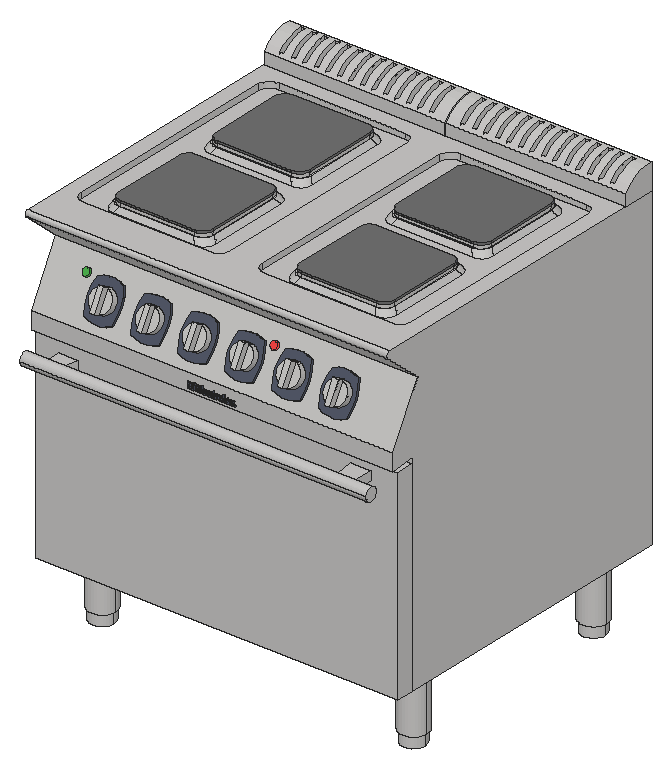
Revit family "QF_ELECTROLUXPROFESSIONAL_371129_E7ECEH4QEN", category Specialty Equipment, Revit 2018 (continued)
Automatic sketch dimensions
  Extrusion 10 sketch curve to Extrusion 10 sketch curve = 2.51 mm
  Extrusion 10 sketch curve to Extrusion 10 sketch curve = 0.187 mm
  Extrusion 10 sketch curve to Extrusion 10 sketch curve = 2.559 mm
  Extrusion 10 sketch curve to Extrusion 10 sketch curve = 1.556 mm
  Extrusion 10 sketch curve to Extrusion 10 sketch curve = 0.222 mm
  Extrusion 10 sketch curve to Extrusion 10 sketch curve = 1.383 mm
  Extrusion 10 sketch curve to Extrusion 10 sketch curve = 3.114 mm
  Extrusion 10 sketch curve to Extrusion 10 sketch curve = 3.376 mm
  Extrusion 10 sketch curve to Extrusion 10 sketch curve = 0.934 mm
  Extrusion 10 sketch curve to Extrusion 10 sketch curve = 0.191 mm
  Extrusion 10 sketch curve to Extrusion 10 sketch curve = 3.696 mm
  Extrusion 10 sketch curve to Extrusion 10 sketch curve = 2.708 mm
  Extrusion 10 sketch curve to Extrusion 10 sketch curve = 3.333 mm
  Extrusion 10 sketch curve to Extrusion 10 sketch curve = 0.332 mm
  Extrusion 10 sketch curve to Extrusion 10 sketch curve = 1.087 mm
  Extrusion 10 sketch curve to Extrusion 10 sketch curve = 2.23 mm
  Extrusion 10 sketch curve to Extrusion 10 sketch curve = 2.757 mm
  Extrusion 10 sketch curve to Extrusion 10 sketch curve = 0.987 mm
  Extrusion 10 sketch curve to Extrusion 10 sketch curve = 1.529 mm
  Extrusion 10 sketch curve to Extrusion 10 sketch curve = 1.796 mm
  Extrusion 10 sketch curve to Extrusion 10 sketch curve = 2.859 mm
  Extrusion 10 sketch curve to Extrusion 10 sketch curve = 0.853 mm
  Extrusion 10 sketch curve to Extrusion 10 sketch curve = 1.241 mm
  Extrusion 10 sketch curve to Extrusion 10 sketch curve = 2.046 mm  (x2)
  Extrusion 10 sketch curve to Extrusion 10 sketch curve = 2.422 mm
  Extrusion 10 sketch curve to Extrusion 10 sketch curve = 0.27 mm  (x2)
  Extrusion 10 sketch curve to Extrusion 10 sketch curve = 0.69 mm
  Extrusion 10 sketch curve to Extrusion 10 sketch curve = 0.781 mm  (x2)
  Extrusion 10 sketch curve to Extrusion 10 sketch curve = 3.136 mm
  Extrusion 10 sketch curve to Extrusion 10 sketch curve = 1.767 mm
  Extrusion 10 sketch curve to Extrusion 10 sketch curve = 0.138 mm
  Extrusion 10 sketch curve to Extrusion 10 sketch curve = 0.777 mm
  Extrusion 10 sketch curve to Extrusion 10 sketch curve = 1.19 mm
  Extrusion 10 sketch curve to Extrusion 10 sketch curve = 0.782 mm
  Extrusion 10 sketch curve to Extrusion 10 sketch curve = 1.268 mm
  Extrusion 10 sketch curve to Extrusion 10 sketch curve = 0.422 mm  (x2)
  Extrusion 10 sketch curve to Extrusion 10 sketch curve = 1.559 mm
  Extrusion 10 sketch curve to Extrusion 10 sketch curve = 3.927 mm
  Extrusion 10 sketch curve to Extrusion 10 sketch curve = 0.983 mm
  Extrusion 10 sketch curve to Extrusion 10 sketch curve = 1.134 mm
  Extrusion 10 sketch curve to Extrusion 10 sketch curve = 0.094 mm
  Extrusion 10 sketch curve to Extrusion 10 sketch curve = 1.584 mm
  Extrusion 10 sketch curve to plane 7 "Center Y" = 1.327 mm
  Extrusion 10 sketch curve to Extrusion 10 sketch curve = 0.643 mm
  Extrusion 10 sketch curve to Extrusion 10 sketch curve = 0.916 mm
  Extrusion 10 sketch curve to Extrusion 10 sketch curve = 0.352 mm
  Extrusion 10 sketch curve to Extrusion 10 sketch curve = 0.458 mm
  Extrusion 10 sketch curve to Extrusion 10 sketch curve = 1.282 mm
  Extrusion 10 sketch curve to Extrusion 10 sketch curve = 1.363 mm
  Extrusion 10 sketch curve to Extrusion 10 sketch curve = 0.685 mm
  Extrusion 10 sketch curve to Extrusion 10 sketch curve = 0.905 mm
  Extrusion 10 sketch curve to Extrusion 10 sketch curve = 2.865 mm
  Extrusion 10 sketch curve to Extrusion 10 sketch curve = 0.472 mm
  Extrusion 10 sketch curve to Extrusion 10 sketch curve = 0.101 mm
  Extrusion 10 sketch curve to Extrusion 10 sketch curve = 0.54 mm
  Extrusion 10 sketch curve to Extrusion 10 sketch curve = 0.02 mm
  Extrusion 10 sketch curve to Extrusion 10 sketch curve = 0.468 mm
  Extrusion 10 sketch curve to Extrusion 10 sketch curve = 0.829 mm
  Extrusion 10 sketch curve to Extrusion 10 sketch curve = 0.582 mm
  Extrusion 10 sketch curve to Extrusion 10 sketch curve = 0.166 mm
  Extrusion 10 sketch curve to Extrusion 10 sketch curve = 0.16 mm
  Extrusion 10 sketch curve to Extrusion 10 sketch curve = 2.781 mm
  Extrusion 10 sketch curve to Extrusion 10 sketch curve = 1.118 mm
  Extrusion 10 sketch curve to Extrusion 10 sketch curve = 0.613 mm
  Extrusion 10 sketch curve to Extrusion 10 sketch curve = 0.361 mm
  Extrusion 10 sketch curve to Extrusion 10 sketch curve = 0.897 mm
  Extrusion 10 sketch curve to Extrusion 10 sketch curve = 0.167 mm
  Extrusion 10 sketch curve to Extrusion 10 sketch curve = 0.292 mm
  Extrusion 10 sketch curve to Extrusion 10 sketch curve = 0.305 mm
  Extrusion 10 sketch curve to Extrusion 10 sketch curve = 1.557 mm
  Extrusion 10 sketch curve to Extrusion 10 sketch curve = 2.499 mm
  Extrusion 10 sketch curve to Extrusion 10 sketch curve = 3.062 mm
  Extrusion 10 sketch curve to Extrusion 10 sketch curve = 2.968 mm
  Extrusion 10 sketch curve to Extrusion 10 sketch curve = 5.044 mm
  Extrusion 10 sketch curve to Extrusion 10 sketch curve = 0.629 mm  (x2)
  Extrusion 10 sketch curve to Extrusion 10 sketch curve = 1.131 mm
  Extrusion 10 sketch curve to Extrusion 10 sketch curve = 0.027 mm
  Extrusion 10 sketch curve to Extrusion 10 sketch curve = 2.235 mm
  Extrusion 1 sketch curve to plane 5 "FRONT" = 83.331 mm
  Extrusion 16 sketch curve to plane 10 = 0 mm
  Extrusion 16 sketch curve to plane 5 "FRONT" = 30.162 mm
  plane 10 to Extrusion 16 sketch curve = 1.281 mm
  plane 5 "FRONT" to Extrusion 16 sketch curve = 379.413 mm
  Extrusion 1 sketch curve to Extrusion 1 sketch curve = 159.719 mm
  Extrusion 1 sketch curve to Extrusion 1 sketch curve = 5.61 mm
  Extrusion 8 sketch curve to plane 9 "TOP A" = 276.291 mm
  plane 7 "Center Y" to Extrusion 10 sketch curve = 19.326 mm
  Extrusion 10 sketch curve to plane 9 "TOP A" = 240.749 mm
  Extrusion 10 sketch curve to Extrusion 10 sketch curve = 0.019 mm
  Extrusion 10 sketch curve to Extrusion 10 sketch curve = 4.098 mm
  Extrusion 16 sketch curve to Extrusion 16 sketch curve = 42.109 mm
  plane 5 "FRONT" to Extrusion 2 sketch curve = 0 mm  (x2)
  plane 1 "BACK" to Extrusion 2 sketch curve = 0 mm
  Extrusion 2 sketch curve to plane 3 "LEFT" = 0 mm
  Extrusion 2 sketch curve to plane 4 "RIGHT" = 0 mm
  Extrusion 2 sketch curve to plane 3 "LEFT" = 150.019 mm
  plane 4 "RIGHT" to Extrusion 2 sketch curve = 150.019 mm
  Extrusion 2 sketch curve to plane 1 "BACK" = 150.019 mm
  curve 6 to plane 4 "RIGHT" = 0 mm
  plane 5 "FRONT" to curve 20 = 0 mm
  curve 38 to plane 7 "Center Y" = 0 mm
  curve 16 to plane 7 "Center Y" = 0 mm
  curve 11 to plane 3 "LEFT" = 0 mm
  curve 7 to plane 3 "LEFT" = 0 mm
  plane 1 "BACK" to curve 6 = 0 mm
  plane 4 "RIGHT" to curve 3 = 150.019 mm
  plane 5 "FRONT" to curve 17 = 8.513 mm
  curve 17 to plane 4 "RIGHT" = 17.7 mm
  plane 1 "BACK" to curve 96 = 6.761 mm
  curve 96 to plane 4 "RIGHT" = 29.703 mm
  curve 32 to plane 4 "RIGHT" = 35.025 mm
  curve 95 to curve 95 = 9.296 mm
  plane 1 "BACK" to curve 99 = 6.761 mm
  curve 95 to curve 99 = 16.193 mm
  curve 33 to curve 33 = 25.4 mm
  curve 31 to curve 30 = 25.4 mm
  curve 15 to curve 20 = 43.281 mm
  curve 100 to curve 101 = 9.296 mm
  curve 101 to curve 105 = 16.193 mm
  curve 104 to curve 105 = 9.296 mm
  curve 20 to curve 21 = 36.854 mm
  curve 21 to curve 21 = 1.571 mm
  plane 1 "BACK" to curve 107 = 6.761 mm
  curve 103 to curve 107 = 16.193 mm
  curve 108 to curve 109 = 9.296 mm
  plane 1 "BACK" to curve 111 = 6.761 mm
  curve 107 to curve 111 = 16.193 mm
  curve 111 to curve 114 = 9.296 mm
  plane 1 "BACK" to curve 115 = 6.761 mm
  curve 111 to curve 115 = 16.193 mm
  curve 115 to curve 115 = 9.296 mm
  plane 1 "BACK" to curve 119 = 6.761 mm
  curve 115 to curve 119 = 16.193 mm
  curve 119 to curve 119 = 9.296 mm
  plane 1 "BACK" to curve 123 = 6.761 mm
  curve 119 to curve 123 = 16.193 mm
  curve 123 to curve 123 = 9.296 mm
  curve 125 to curve 128 = 16.193 mm
  curve 128 to curve 129 = 9.296 mm
  curve 129 to curve 133 = 16.193 mm
  curve 132 to curve 133 = 9.296 mm
  plane 1 "BACK" to curve 135 = 6.761 mm
  curve 131 to curve 135 = 16.193 mm
  curve 135 to curve 138 = 9.296 mm
  curve 137 to curve 141 = 16.193 mm
  curve 140 to curve 141 = 9.296 mm
  curve 141 to curve 144 = 16.193 mm
  curve 144 to curve 37 = 4.062 mm
  plane 7 "Center Y" to curve 34 = 60.425 mm
  curve 143 to curve 143 = 9.296 mm
  plane 1 "BACK" to curve 147 = 6.761 mm
  curve 143 to curve 147 = 16.193 mm
  curve 35 to curve 35 = 25.4 mm
  curve 148 to curve 150 = 9.296 mm
  plane 1 "BACK" to curve 91 = 6.761 mm
  curve 91 to plane 7 "Center Y" = 29.703 mm
  curve 24 to plane 7 "Center Y" = 35.025 mm
  curve 91 to curve 91 = 9.296 mm
  plane 1 "BACK" to curve 90 = 6.761 mm
  curve 91 to curve 90 = 16.193 mm
  curve 23 to curve 23 = 25.4 mm
  curve 25 to curve 25 = 25.4 mm
  curve 89 to curve 89 = 9.296 mm
  plane 1 "BACK" to curve 83 = 6.761 mm
  curve 87 to curve 83 = 16.193 mm
  curve 85 to curve 85 = 9.296 mm
  plane 1 "BACK" to curve 79 = 6.761 mm
  curve 83 to curve 79 = 16.193 mm
  curve 79 to curve 80 = 9.296 mm
  plane 1 "BACK" to curve 78 = 6.761 mm
  curve 79 to curve 78 = 16.193 mm
  curve 75 to curve 76 = 9.296 mm
  curve 76 to curve 73 = 16.193 mm
  curve 71 to curve 72 = 9.296 mm
  curve 72 to curve 70 = 16.193 mm
  curve 69 to curve 68 = 9.296 mm
  curve 68 to curve 66 = 16.193 mm
  curve 65 to curve 64 = 9.296 mm
  curve 64 to curve 62 = 16.193 mm
  curve 61 to curve 60 = 9.296 mm
  plane 1 "BACK" to curve 58 = 6.761 mm
  curve 59 to curve 58 = 16.193 mm
  curve 57 to curve 56 = 9.296 mm
  plane 1 "BACK" to curve 54 = 6.761 mm
  curve 55 to curve 54 = 16.193 mm
  curve 53 to curve 52 = 9.296 mm
  curve 19 to curve 5 = 99.406 mm
  curve 19 to curve 19 = 1.571 mm
  plane 1 "BACK" to curve 50 = 6.761 mm
  curve 51 to curve 50 = 16.193 mm
  curve 47 to curve 47 = 9.296 mm
  curve 48 to curve 46 = 16.193 mm
  curve 19 to curve 18 = 36.854 mm
  curve 45 to curve 29 = 4.062 mm
  plane 3 "LEFT" to curve 26 = 60.425 mm
  curve 45 to curve 44 = 9.296 mm
  curve 44 to curve 41 = 16.193 mm
  curve 27 to curve 27 = 25.4 mm
  curve 41 to curve 41 = 9.296 mm
  plane 3 "LEFT" to curve 17 = 17.7 mm
  plane 5 "FRONT" to curve 1 = 1.377 mm
  curve 1 to plane 3 "LEFT" = 150.019 mm
  curve 1 to plane 1 "BACK" = 150.019 mm
  plane 1 "BACK" to curve 146 = 6.761 mm
  plane 1 "BACK" to curve 142 = 6.761 mm
  plane 1 "BACK" to curve 134 = 6.761 mm
  plane 1 "BACK" to curve 130 = 6.761 mm
  plane 1 "BACK" to curve 106 = 6.761 mm
  plane 1 "BACK" to curve 39 = 6.761 mm
  plane 1 "BACK" to curve 74 = 6.761 mm
  plane 1 "BACK" to curve 43 = 6.761 mm
  plane 1 "BACK" to curve 70 = 6.761 mm
  plane 1 "BACK" to curve 66 = 6.761 mm
  plane 1 "BACK" to curve 62 = 6.761 mm
  curve 38 to curve 16 = 63.012 mm
  curve 4 to curve 7 = 63.012 mm
  curve 55 to curve 58 = 57.15 mm
  curve 54 to curve 56 = 0 mm
  curve 57 to curve 60 = 0 mm
  curve 50 to curve 52 = 0 mm
  curve 61 to curve 64 = 0 mm
  curve 46 to curve 48 = 0 mm
  curve 65 to curve 68 = 0 mm
  curve 42 to curve 44 = 0 mm
  curve 69 to curve 72 = 0 mm
  curve 16 to curve 149 = 0.898 mm
  curve 73 to curve 76 = 0 mm
  curve 148 to curve 146 = 0 mm
  curve 77 to curve 80 = 0 mm
  curve 144 to curve 142 = 0 mm
  curve 81 to curve 84 = 0 mm
  curve 140 to curve 138 = 0 mm
  curve 85 to curve 88 = 0 mm
  curve 136 to curve 134 = 0 mm
  curve 89 to curve 92 = 0 mm
  curve 132 to curve 130 = 0 mm
  curve 95 to curve 96 = 57.15 mm
  curve 100 to curve 97 = 0 mm
  curve 128 to curve 126 = 0 mm
  curve 104 to curve 101 = 0 mm
  curve 124 to curve 122 = 0 mm
  curve 108 to curve 105 = 0 mm
  curve 120 to curve 118 = 0 mm
  curve 112 to curve 109 = 0 mm
  curve 96 to curve 9 = 5.939 mm
  curve 7 to curve 9 = 0 mm
  curve 144 to curve 30 = 40.974 mm
  curve 45 to curve 22 = 40.974 mm
  curve 28 to plane 5 "FRONT" = 110.765 mm
  curve 24 to curve 36 = 0 mm
  plane 5 "FRONT" to curve 3 = 1.377 mm
  curve 15 to curve 15 = 28 mm
  curve 14 to curve 11 = 342.9 mm
  Revolve 4 sketch curve to level = 0 mm
  Revolve 4 sketch curve to plane 10 = 0 mm  (x2)
  level to Revolve 4 sketch curve = 25 mm
  Revolve 4 sketch curve to Revolve 4 sketch curve = 20 mm
  Revolve 4 sketch curve to plane 4 "RIGHT" = 26 mm
  Revolve 4 sketch curve to Revolve 4 sketch curve = 3.75 mm
  Revolve 4 sketch curve to Revolve 4 sketch curve = 30 mm
  Revolve 4 sketch curve to Revolve 4 sketch curve = 0 mm
  Revolve 6 sketch curve to level = 0 mm
  Revolve 6 sketch curve to plane 10 = 0 mm  (x2)
  level to Revolve 6 sketch curve = 25 mm
  plane 10 to Revolve 6 sketch curve = 20 mm
  Revolve 6 sketch curve to plane 4 "RIGHT" = 26 mm
  Revolve 6 sketch curve to Revolve 6 sketch curve = 3.75 mm
  Revolve 6 sketch curve to Revolve 6 sketch curve = 30 mm
  Revolve 6 sketch curve to Revolve 6 sketch curve = 0 mm
  Extrusion 9 sketch curve to plane 5 "FRONT" = 30.162 mm
  Extrusion 9 sketch curve to plane 4 "RIGHT" = 60.981 mm
  Extrusion 9 sketch curve to Extrusion 9 sketch curve = 33.993 mm
  Extrusion 9 sketch curve to Extrusion 9 sketch curve = 43.993 mm
  Extrusion 9 sketch curve to plane 5 "FRONT" = 17.462 mm
  plane 3 "LEFT" to Extrusion 9 sketch curve = 102.63 mm
  Extrusion 9 sketch curve to Extrusion 9 sketch curve = 7.656 mm
  Extrusion 9 sketch curve to Extrusion 9 sketch curve = 41.649 mm
  plane 5 "FRONT" to Extrusion 9 sketch curve = 24.013 mm  (x2)
  Extrusion 1 to Extrusion 11 sketch curve = 0 mm
  Extrusion 11 sketch curve to Extrusion 1 = 0 mm  (x2)
  Extrusion 1 to Extrusion 11 sketch curve = 12.7 mm
  Extrusion 1 to Extrusion 15 sketch curve = 40.417 mm
  Extrusion 1 to Extrusion 15 sketch curve = 85.751 mm
  Extrusion 32 sketch curve to plane 9 "TOP A" = 0 mm
  Extrusion 32 sketch curve to plane 1 "BACK" = 0 mm
  Extrusion 32 sketch curve to plane 6 "TOP" = 0 mm
  plane 1 "BACK" to Extrusion 32 sketch curve = 4.947 mm
  plane 9 "TOP A" to Extrusion 32 sketch curve = 25.4 mm
  plane 1 "BACK" to Extrusion 32 sketch curve = 69.85 mm
  Extrusion 1 to Extrusion 33 sketch curve = 6.761 mm  (x14)
  Extrusion 33 sketch curve to Extrusion 33 sketch curve = 57.15 mm
  Extrusion 33 sketch curve to Extrusion 33 sketch curve = 0 mm  (x13)
  Extrusion 1 to Extrusion 33 sketch curve = 29.703 mm
  Extrusion 33 sketch curve to Extrusion 33 sketch curve = 9.296 mm  (x14)
  Extrusion 33 sketch curve to Extrusion 33 sketch curve = 16.193 mm  (x13)
  Extrusion 1 to Extrusion 34 sketch curve = 35.025 mm
  Extrusion 34 sketch curve to Extrusion 34 sketch curve = 25.4 mm  (x6)
  Extrusion 34 sketch curve to Extrusion 34 sketch curve = 279.2 mm  (x2)
  Extrusion 34 sketch curve to Extrusion 1 = 103.443 mm
  Extrusion 34 sketch curve to Extrusion 34 sketch curve = 70.05 mm
  Extrusion 1 to Extrusion 34 sketch curve = 60.425 mm  (x2)
  Extrusion 34 sketch curve to Extrusion 1 = 78.043 mm
  Extrusion 1 to Extrusion 34 sketch curve = 130.285 mm
  Extrusion 34 sketch curve to Extrusion 34 sketch curve = 0 mm
  Extrusion 35 sketch curve to plane 9 "TOP A" = 0 mm
  Extrusion 35 sketch curve to plane 1 "BACK" = 0 mm
  Extrusion 35 sketch curve to plane 6 "TOP" = 0 mm
  plane 1 "BACK" to Extrusion 35 sketch curve = 4.947 mm
  plane 9 "TOP A" to Extrusion 35 sketch curve = 25.4 mm
  plane 1 "BACK" to Extrusion 35 sketch curve = 69.85 mm
  Extrusion 1 to Extrusion 36 sketch curve = 6.761 mm  (x14)
  Extrusion 36 sketch curve to Extrusion 36 sketch curve = 57.15 mm
  Extrusion 36 sketch curve to Extrusion 36 sketch curve = 0 mm  (x13)
  Extrusion 1 to Extrusion 36 sketch curve = 370.347 mm
  Extrusion 36 sketch curve to Extrusion 36 sketch curve = 9.296 mm  (x14)
  Extrusion 36 sketch curve to Extrusion 36 sketch curve = 16.193 mm  (x13)
  Extrusion 1 to Extrusion 37 sketch curve = 40.417 mm
  Extrusion 1 to Extrusion 37 sketch curve = 298.99 mm
  radius of Extrusion 13 sketch curve = 25.4 mm
  radius of Extrusion 14 sketch curve to Extrusion 13 = 0 mm  (x2)
  radius of Extrusion 18 sketch curve = 25.4 mm
  radius of Extrusion 19 sketch curve to Extrusion 18 = 0 mm  (x2)
  radius of Extrusion 21 sketch curve = 25.4 mm
  radius of Extrusion 22 sketch curve to Extrusion 21 = 0 mm  (x2)
  radius of Extrusion 24 sketch curve = 25.4 mm
  radius of Extrusion 25 sketch curve to Extrusion 24 = 0 mm  (x2)
  radius of Extrusion 27 sketch curve = 25.4 mm
  radius of Extrusion 28 sketch curve to Extrusion 27 = 0 mm  (x2)
  radius of Extrusion 30 sketch curve = 25.4 mm
  radius of Extrusion 31 sketch curve to Extrusion 30 = 0 mm  (x2)
  radius of Extrusion 8 sketch curve = 14 mm
  radius of Extrusion 7 sketch curve = 12.7 mm
  radius of Extrusion 15 sketch curve = 8 mm
  radius of Extrusion 37 sketch curve = 8 mm
Nested families
  nested 1: "371129_QF_Electrolux_HOT PLATES" at (85.025, -126.398, 838.3), type "371129_QF_Electrolux_HOT PLATES"
    with Type Mark "", Specification by User "", Revision Code "", Item Number "", Installed By "", Identify Quantity as Lot yes, Furnished By "", Foodservice Equipment Identifier yes
  nested 2: "371129_QF_Electrolux_HOT PLATES" at (85.025, -623.372, 838.3), type "371129_QF_Electrolux_HOT PLATES"
    with Type Mark "", Specification by User "", Revision Code "", Item Number "", Installed By "", Identify Quantity as Lot yes, Furnished By "", Foodservice Equipment Identifier yes
  nested 3: "371129_QF_Electrolux_HOT PLATES" at (715.075, -126.398, 838.3) x (-1, 0, 0) z (0, 0, 1), type "371129_QF_Electrolux_HOT PLATES"
    with Type Mark "", Specification by User "", Revision Code "", Item Number "", Installed By "", Identify Quantity as Lot yes, Furnished By "", Foodservice Equipment Identifier yes
  nested 4: "371129_QF_Electrolux_HOT PLATES" at (715.075, -623.372, 838.3) x (-1, 0, 0) z (0, 0, 1), type "371129_QF_Electrolux_HOT PLATES"
    with Type Mark "", Specification by User "", Revision Code "", Item Number "", Installed By "", Identify Quantity as Lot yes, Furnished By "", Foodservice Equipment Identifier yes
Connectors
  electrical at (752.475, -512.762, 150), driven by "Volts", driven by "Watts"
    settings: on Extrusion 7, index 1, voltage 230 V, apparent load 16400 VA, apparent load phase1 0 VA, apparent load phase2 0 VA, apparent load phase3 0 VA, power factor 1, load classification "Other", number of poles 1, system type 30, power factor state 1, is connector primary yes, connector utility no, sub classification motor no, connector description "Electrical Connection"
Definition of nested family "371129_QF_Electrolux_HOT PLATES"
  Parameters
    Width = 230 mm  # constant formula
    Weight in Pounds = 0
    URL Cutsheet = ""
    URL = ""
    Type Mark [instance] = ""
    Specification by User [instance] = ""
    Specification by Manufacturer = ""
    Serial Number = ""
    Seismic Rating = ""
    SMACNA No = ""
    Revision Code [instance] = ""
    Omniclass Number and Title = ""
    NAFEM Spec ID Number = ""
    Model = ""
    Masterspec = ""
    Manufacturer = ""
    Item Number [instance] = ""
    Installed By [instance] = ""
    Identify Quantity as Lot [instance] = yes
    Height = 23 mm  # constant formula
    Furnished By [instance] = ""
    Foodservice Equipment Identifier [instance] = yes
    Description = ""
    Depth = 230 mm  # constant formula
    CSI MasterFormat = ""
    CSI Master Format = ""
    Assembly Code = ""
  Reference planes
    plane 1 "BACK": y = 0
    plane 2: z = 0
    plane 3 "LEFT": x = 0
    plane 4 "RIGHT": x = 230
    plane 5 "FRONT": y = -230
    plane 6 "TOP": z = 23
    plane 7 "Center Y": x = 115
    plane 8 "Center X": y = -115
  Forms (mm)
    Extrusion 1, solid
      sketch origin (-72.525, 113.875, 19.181) x (1, 0, 0) y (0, 1, 0)
        loop
          arc (82.823, -310.573) -> (89.325, -326.271) -> (105.023, -332.773) r 22.2
          line (105.023, -332.773) -> (269.223, -332.773)
          arc (269.223, -332.773) -> (284.921, -326.271) -> (291.423, -310.573) r 22.2
          line (291.423, -310.573) -> (291.423, -146.373)
          arc (291.423, -146.373) -> (284.921, -130.675) -> (269.223, -124.173) r 22.2
          line (269.223, -124.173) -> (105.023, -124.173)
          arc (105.023, -124.173) -> (89.325, -130.675) -> (82.823, -146.373) r 22.2
          line (82.823, -146.373) -> (82.823, -310.573)
      from 0 to 3.819
    Blend 2, solid
      base sketch origin (-72.525, 113.875, 0) x (1, 0, 0) y (0, 1, 0)
        loop
          arc (97.925, -113.875) -> (79.964, -121.314) -> (72.525, -139.275) r 25.4
          line (72.525, -139.275) -> (72.525, -318.475)
          arc (72.525, -318.475) -> (79.964, -336.436) -> (97.925, -343.875) r 25.4
          line (97.925, -343.875) -> (277.125, -343.875)
          arc (277.125, -343.875) -> (295.086, -336.436) -> (302.525, -318.475) r 25.4
          line (302.525, -318.475) -> (302.525, -139.275)
          arc (302.525, -139.275) -> (295.086, -121.314) -> (277.125, -113.875) r 25.4
          line (277.125, -113.875) -> (97.925, -113.875)
      top sketch origin (-72.525, 113.875, 0) x (1, 0, 0) y (0, 1, 0)
        loop
          line (105.023, -335.973) -> (269.223, -335.973)
          arc (269.223, -335.973) -> (287.183, -328.533) -> (294.623, -310.573) r 25.4
          line (294.623, -310.573) -> (294.623, -146.373)
          arc (294.623, -146.373) -> (287.183, -128.412) -> (269.223, -120.973) r 25.4
          line (269.223, -120.973) -> (105.023, -120.973)
          arc (105.023, -120.973) -> (87.062, -128.412) -> (79.623, -146.373) r 25.4
          line (79.623, -146.373) -> (79.623, -310.573)
          arc (79.623, -310.573) -> (87.062, -328.533) -> (105.023, -335.973) r 25.4
      from 0 to 11.731
    Extrusion 3, solid
      sketch origin (-72.525, 113.875, 11.731) x (1, 0, 0) y (0, 1, 0)
        loop
          line (105.023, -332.773) -> (269.223, -332.773)
          arc (269.223, -332.773) -> (284.921, -326.271) -> (291.423, -310.573) r 22.2
          line (291.423, -310.573) -> (291.423, -146.373)
          arc (291.423, -146.373) -> (284.921, -130.675) -> (269.223, -124.173) r 22.2
          line (269.223, -124.173) -> (105.023, -124.173)
          arc (105.023, -124.173) -> (89.325, -130.675) -> (82.823, -146.373) r 22.2
          line (82.823, -146.373) -> (82.823, -310.573)
          arc (82.823, -310.573) -> (89.325, -326.271) -> (105.023, -332.773) r 22.2
      from 0 to 7.45
  Lines and regions (mm)
    symbolic lines
      curve 1: arc (0, -25.4, 0) -> (7.439, -7.439, 0) -> (25.4, 0, 0) r 25.4
      curve 2: line (25.4, 0, 0) -> (204.6, 0, 0)
      curve 3: arc (204.6, 0, 0) -> (222.561, -7.439, 0) -> (230, -25.4, 0) r 25.4
      curve 4: line (230, -25.4, 0) -> (230, -204.6, 0)
      curve 5: line (0, -204.6, 0) -> (0, -25.4, 0)
      curve 6: arc (25.4, -230, 0) -> (7.439, -222.561, 0) -> (0, -204.6, 0) r 25.4
      curve 7: line (204.6, -230, 0) -> (25.4, -230, 0)
      curve 8: arc (230, -204.6, 0) -> (222.561, -222.561, 0) -> (204.6, -230, 0) r 25.4
      curve 9: line (196.698, -7.098, 0) -> (32.498, -7.098, 0)
      curve 10: arc (32.498, -7.098, 0) -> (14.537, -14.537, 0) -> (7.098, -32.498, 0) r 25.4
      curve 11: line (7.098, -32.498, 0) -> (7.098, -196.698, 0)
      curve 12: arc (7.098, -196.698, 0) -> (14.537, -214.658, 0) -> (32.498, -222.098, 0) r 25.4
      curve 13: line (32.498, -222.098, 0) -> (196.698, -222.098, 0)
      curve 14: arc (196.698, -222.098, 0) -> (214.658, -214.658, 0) -> (222.098, -196.698, 0) r 25.4
      curve 15: line (222.098, -196.698, 0) -> (222.098, -32.498, 0)
      curve 16: arc (222.098, -32.498, 0) -> (214.658, -14.537, 0) -> (196.698, -7.098, 0) r 25.4
      curve 17: line (196.698, -10.298, 0) -> (32.498, -10.298, 0)
      curve 18: arc (32.498, -10.298, 0) -> (16.8, -16.8, 0) -> (10.298, -32.498, 0) r 22.2
      curve 19: line (10.298, -32.498, 0) -> (10.298, -196.698, 0)
      curve 20: arc (10.298, -196.698, 0) -> (16.8, -212.396, 0) -> (32.498, -218.898, 0) r 22.2
      curve 21: line (32.498, -218.898, 0) -> (196.698, -218.898, 0)
      curve 22: arc (196.698, -218.898, 0) -> (212.396, -212.396, 0) -> (218.898, -196.698, 0) r 22.2
      curve 23: line (218.898, -196.698, 0) -> (218.898, -32.498, 0)
      curve 24: arc (218.898, -32.498, 0) -> (212.396, -16.8, 0) -> (196.698, -10.298, 0) r 22.2
  Dimensions and locks
    equal spacing: plane 3 "LEFT", plane 7 "Center Y", plane 4 "RIGHT"
    "Width": plane 3 "LEFT" to plane 4 "RIGHT"
    equal spacing: plane 5 "FRONT", plane 8 "Center X", plane 1 "BACK"
    "Depth": plane 5 "FRONT" to plane 1 "BACK"
    plane 1 "BACK" to plane 5 "FRONT" = 230 mm
    "Height": plane 6 "TOP" to level
    aligned and locked: level to plane 2
  Automatic sketch dimensions
    Blend 2 sketch curve to plane 3 "LEFT" = 0 mm
    plane 1 "BACK" to Blend 2 sketch curve = 0 mm
    plane 5 "FRONT" to Blend 2 sketch curve = 0 mm
    Blend 2 sketch curve to plane 4 "RIGHT" = 0 mm
    plane 3 "LEFT" to Blend 2 sketch curve = 25.4 mm  (x2)
    Blend 2 sketch curve to plane 4 "RIGHT" = 25.4 mm  (x2)
    plane 3 "LEFT" to Blend 2 sketch curve = 7.098 mm
    plane 1 "BACK" to Blend 2 sketch curve = 7.098 mm
    plane 3 "LEFT" to Blend 2 sketch curve = 32.498 mm
    Blend 2 sketch curve to Blend 2 sketch curve = 25.4 mm
    Blend 2 sketch curve to plane 5 "FRONT" = 7.902 mm
    Blend 2 sketch curve to plane 4 "RIGHT" = 33.302 mm  (x2)
    Blend 2 sketch curve to plane 4 "RIGHT" = 7.902 mm
    Extrusion 3 sketch curve to Extrusion 3 sketch curve = 22.2 mm
    Extrusion 3 sketch curve to Blend 2 = 25.4 mm
    Extrusion 1 sketch curve to Extrusion 3 = 22.2 mm
    Extrusion 1 sketch curve to Extrusion 1 sketch curve = 22.2 mm
    curve 1 to plane 3 "LEFT" = 0 mm
    plane 1 "BACK" to curve 1 = 0 mm
    plane 3 "LEFT" to curve 1 = 25.4 mm
    curve 2 to plane 4 "RIGHT" = 25.4 mm
    curve 3 to plane 4 "RIGHT" = 0 mm
    curve 4 to plane 5 "FRONT" = 25.4 mm
    curve 5 to plane 5 "FRONT" = 25.4 mm
    plane 5 "FRONT" to curve 6 = 0 mm
    plane 3 "LEFT" to curve 11 = 7.098 mm
    curve 6 to curve 13 = 7.098 mm
    plane 1 "BACK" to curve 10 = 7.098 mm
    curve 1 to curve 10 = 7.098 mm
    curve 14 to curve 7 = 7.902 mm
    curve 16 to curve 3 = 7.902 mm
    curve 16 to plane 4 "RIGHT" = 7.902 mm
    curve 13 to plane 5 "FRONT" = 7.902 mm
    curve 10 to curve 18 = 0 mm  (x2)
    curve 12 to curve 20 = 0 mm  (x2)
    curve 14 to curve 22 = 0 mm  (x2)
    curve 16 to curve 24 = 0 mm
    curve 10 to curve 19 = 3.2 mm
    radius of Extrusion 3 sketch curve to Blend 2 = 3.2 mm  (x2)
    radius of Extrusion 1 sketch curve to Extrusion 3 = 0 mm  (x2)
